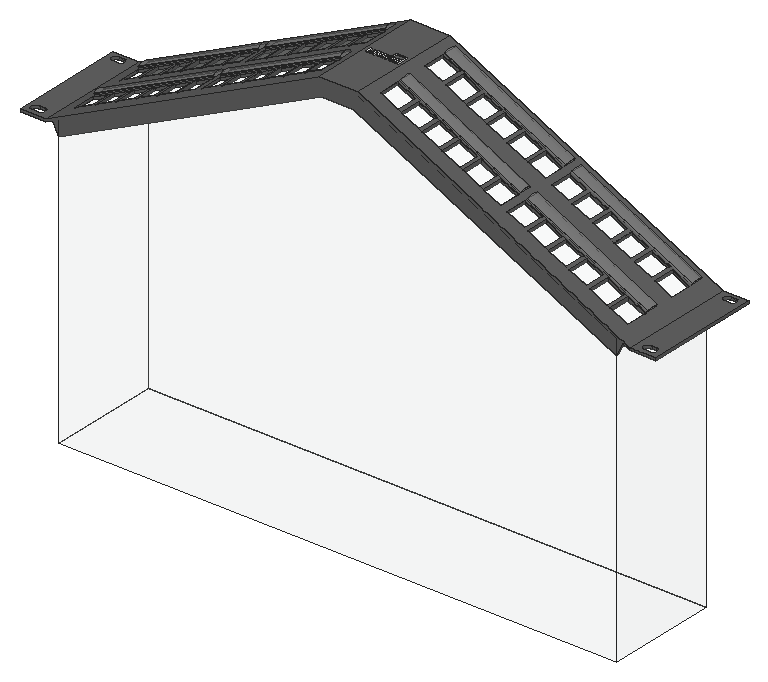
Revit family "1", category Data Devices, host Face, Revit 2018 (continued)
Automatic sketch dimensions
  curve 52 to plane 17 = 0.40894"
  plane 29 "Connector Host" to curve 53 = 0.03543"
  curve 53 to plane 17 = 0.22251"
  curve 54 to plane 17 = 0.02725"
  curve 57 to plane 17 = 0.01000"
  curve 55 to plane 5 "Right" = 0.00000"
  plane 3 "Center (Left/Right)" to curve 50 = 0.46801"
  curve 49 to plane 3 "Center (Left/Right)" = 0.46801"
  curve 64 to plane 7 "Recess" = 0.19682"
  plane 16 to curve 64 = 0.40894"
  plane 29 "Connector Host" to curve 63 = 0.03543"
  plane 16 to curve 63 = 0.22251"
  plane 16 to curve 63 = 0.02725"
  plane 16 to curve 59 = 0.01000"
  plane 4 "Left" to curve 60 = 0.00000"
  curve 49 to plane 30 "Front" = 0.50000"
  plane 24 to Extrusion 10 sketch curve = 0.07833"  (x2)
  plane 24 to Extrusion 10 sketch curve = 0.36536"  (x2)
  plane 24 to Extrusion 10 sketch curve = 0.41007"
  Extrusion 10 sketch curve to Extrusion 10 sketch curve = 0.09168"  (x20)
  plane 24 to Extrusion 10 sketch curve = 0.37861"  (x2)
  Extrusion 10 sketch curve to Extrusion 10 sketch curve = 0.01534"  (x24)
  plane 24 to Extrusion 10 sketch curve = 0.66564"  (x2)
  plane 24 to Extrusion 10 sketch curve = 0.71036"
  plane 24 to Extrusion 10 sketch curve = 0.67890"  (x2)
  plane 24 to Extrusion 10 sketch curve = 0.96593"  (x2)
  plane 24 to Extrusion 10 sketch curve = 1.01064"
  plane 24 to Extrusion 10 sketch curve = 0.97918"  (x2)
  plane 24 to Extrusion 10 sketch curve = 1.26621"  (x2)
  plane 24 to Extrusion 10 sketch curve = 1.31093"
  plane 24 to Extrusion 10 sketch curve = 1.27947"
  plane 24 to Extrusion 10 sketch curve = 1.56650"  (x2)
  plane 24 to Extrusion 10 sketch curve = 1.61121"
  plane 24 to Extrusion 10 sketch curve = 1.57976"
  plane 24 to Extrusion 10 sketch curve = 1.86679"  (x2)
  Extrusion 10 sketch curve to Extrusion 10 sketch curve = 0.19054"  (x2)
  Extrusion 10 sketch curve to plane 30 "Front" = 1.92465"
  Extrusion 10 sketch curve to plane 30 "Front" = 1.63762"  (x2)
  Extrusion 10 sketch curve to Extrusion 10 sketch curve = 0.52400"  (x5)
  Extrusion 10 sketch curve to plane 30 "Front" = 1.59291"
  Extrusion 10 sketch curve to plane 30 "Front" = 1.62437"  (x2)
  Extrusion 10 sketch curve to plane 30 "Front" = 1.33734"  (x2)
  Extrusion 10 sketch curve to plane 30 "Front" = 1.29262"
  Extrusion 10 sketch curve to plane 30 "Front" = 1.32408"  (x2)
  Extrusion 10 sketch curve to plane 30 "Front" = 1.03705"  (x2)
  Extrusion 10 sketch curve to plane 30 "Front" = 0.99234"
  Extrusion 10 sketch curve to plane 30 "Front" = 1.02380"  (x2)
  Extrusion 10 sketch curve to plane 30 "Front" = 0.73677"  (x2)
  Extrusion 10 sketch curve to plane 30 "Front" = 0.69205"
  Extrusion 10 sketch curve to plane 30 "Front" = 0.72351"  (x2)
  Extrusion 10 sketch curve to plane 30 "Front" = 0.43648"  (x2)
  Extrusion 10 sketch curve to plane 30 "Front" = 0.39177"
  Extrusion 10 sketch curve to plane 30 "Front" = 0.42322"  (x2)
  Extrusion 10 sketch curve to plane 30 "Front" = 0.13619"  (x2)
  Extrusion 10 sketch curve to plane 30 "Front" = 0.16765"
  Extrusion 10 sketch curve to plane 3 "Center (Left/Right)" = 0.85879"
  Extrusion 10 sketch curve to plane 30 "Front" = 0.46794"
  Extrusion 10 sketch curve to plane 30 "Front" = 0.76822"
  Extrusion 10 sketch curve to plane 30 "Front" = 1.06851"
  Extrusion 10 sketch curve to plane 30 "Front" = 1.36880"
  plane 24 to Extrusion 10 sketch curve = 1.23476"
  plane 24 to Extrusion 10 sketch curve = 0.63418"
  plane 24 to Extrusion 10 sketch curve = 0.33390"  (x2)
  Extrusion 10 sketch curve to Extrusion 10 sketch curve = 0.04471"  (x2)
  Extrusion 10 sketch curve to Extrusion 10 sketch curve = 0.09293"
  Extrusion 11 sketch curve to plane 17 = 0.22100"
  plane 16 to Extrusion 11 sketch curve = 0.27900"
  curve 68 to plane 44 = 0.33500"
  curve 65 to plane 31 "Upper Interior" = 0.01470"
  plane 26 to Extrusion 8 = 0.00000"
  curve 70 to plane 31 "Upper Interior" = 0.01470"
  plane 24 to Extrusion 12 sketch curve = 0.10978"
  Extrusion 12 sketch curve to plane 17 = 0.48059"
  level to Extrusion 12 sketch curve = 0.27833"
  plane 24 to Extrusion 12 sketch curve = 0.36536"
  plane 24 to Extrusion 12 sketch curve = 0.41007"
  Extrusion 12 sketch curve to Extrusion 12 sketch curve = 0.09168"  (x20)
  plane 24 to Extrusion 12 sketch curve = 0.37861"  (x2)
  Extrusion 12 sketch curve to Extrusion 12 sketch curve = 0.01534"  (x22)
  plane 24 to Extrusion 12 sketch curve = 0.66564"  (x2)
  plane 24 to Extrusion 12 sketch curve = 0.71036"
  plane 24 to Extrusion 12 sketch curve = 0.67890"  (x2)
  plane 24 to Extrusion 12 sketch curve = 0.96593"  (x2)
  plane 24 to Extrusion 12 sketch curve = 1.01064"
  plane 24 to Extrusion 12 sketch curve = 0.97918"  (x2)
  plane 24 to Extrusion 12 sketch curve = 1.26621"  (x2)
  plane 24 to Extrusion 12 sketch curve = 1.31093"
  plane 24 to Extrusion 12 sketch curve = 1.27947"
  plane 24 to Extrusion 12 sketch curve = 1.56650"  (x2)
  plane 24 to Extrusion 12 sketch curve = 1.61121"
  plane 24 to Extrusion 12 sketch curve = 1.57976"
  plane 24 to Extrusion 12 sketch curve = 1.86679"  (x2)
  Extrusion 12 sketch curve to plane 30 "Front" = 1.89320"
  Extrusion 12 sketch curve to Extrusion 12 sketch curve = 0.19054"  (x2)
  Extrusion 12 sketch curve to plane 30 "Front" = 1.92465"
  Extrusion 12 sketch curve to plane 30 "Front" = 1.63762"  (x2)
  Extrusion 12 sketch curve to plane 30 "Front" = 1.59291"
  Extrusion 12 sketch curve to plane 30 "Front" = 1.62437"  (x2)
  Extrusion 12 sketch curve to plane 30 "Front" = 1.33734"  (x2)
  Extrusion 12 sketch curve to plane 30 "Front" = 1.29262"
  Extrusion 12 sketch curve to plane 30 "Front" = 1.32408"  (x2)
  Extrusion 12 sketch curve to plane 30 "Front" = 1.03705"  (x2)
  Extrusion 12 sketch curve to plane 30 "Front" = 0.99234"
  Extrusion 12 sketch curve to plane 30 "Front" = 1.02380"  (x2)
  Extrusion 12 sketch curve to plane 30 "Front" = 0.73677"  (x2)
  Extrusion 12 sketch curve to plane 30 "Front" = 0.69205"
  Extrusion 12 sketch curve to plane 30 "Front" = 0.72351"  (x2)
  Extrusion 12 sketch curve to plane 30 "Front" = 0.43648"  (x2)
  Extrusion 12 sketch curve to plane 30 "Front" = 0.39177"
  Extrusion 12 sketch curve to plane 30 "Front" = 0.42322"  (x2)
  Extrusion 12 sketch curve to plane 30 "Front" = 0.13619"  (x2)
  Extrusion 12 sketch curve to plane 30 "Front" = 0.16765"
  Extrusion 12 sketch curve to plane 3 "Center (Left/Right)" = 0.85879"
  Extrusion 12 sketch curve to plane 30 "Front" = 0.46794"
  Extrusion 12 sketch curve to plane 30 "Front" = 0.76822"
  Extrusion 12 sketch curve to plane 30 "Front" = 1.06851"
  Extrusion 12 sketch curve to plane 30 "Front" = 1.36880"
  Extrusion 12 sketch curve to Extrusion 12 sketch curve = 0.52400"  (x4)
  plane 24 to Extrusion 12 sketch curve = 1.23476"
  plane 24 to Extrusion 12 sketch curve = 0.63418"
  plane 24 to Extrusion 12 sketch curve = 0.33390"
  level to Extrusion 12 sketch curve = 0.56536"
  plane 24 to Extrusion 12 sketch curve = 0.07833"
  Extrusion 12 sketch curve to Extrusion 12 sketch curve = 0.04471"  (x2)
  Extrusion 12 sketch curve to Extrusion 12 sketch curve = 0.09293"
  plane 3 "Center (Left/Right)" to Extrusion 10 sketch curve = 0.85879"
  plane 23 to Extrusion 5 sketch curve = 0.15905"  (x2)
  plane 3 "Center (Left/Right)" to Extrusion 5 sketch curve = 0.45415"
  Extrusion 5 sketch curve to plane 3 "Center (Left/Right)" = 0.45416"
  Extrusion 5 sketch curve to Extrusion 5 sketch curve = 0.10255"
  plane 29 "Connector Host" to Extrusion 5 sketch curve = 0.03543"
  plane 16 to Extrusion 5 sketch curve = 0.43525"
  plane 44 to curve 73 = 0.33500"
  plane 16 to Sweep 13 sketch curve = 0.48278"
  Sweep 13 sketch curve to profile plane = 0.25915"
  profile plane to Sweep 13 sketch curve = 0.05109"
  Sweep 13 sketch curve to Sweep 13 sketch curve = 0.00000"
  plane 9 "Bottom" to Sweep 13 sketch curve = 1.18500"
  Sweep 13 sketch curve to Sweep 13 sketch curve = 0.19000"
  Sweep 13 sketch curve to profile plane = 0.00000"
  Extrusion 14 sketch curve to Extrusion 14 sketch curve = 0.06926"
  plane 30 "Front" to Extrusion 14 sketch curve = 0.12895"  (x2)
  plane 33 to Extrusion 14 sketch curve = 0.00000"
  Extrusion 14 sketch curve to plane 30 "Front" = 1.62604"
  Extrusion 14 sketch curve to plane 32 = 0.00000"
  Extrusion 14 sketch curve to Extrusion 14 sketch curve = 0.13151"
  plane 33 to Sweep 15 sketch curve = 0.00000"  (x2)
  Sweep 15 sketch curve to plane 30 "Front" = 0.00000"
  Sweep 15 sketch curve to plane 32 = 0.00000"  (x2)
  plane 24 to Sweep 15 sketch curve = 0.10529"  (x2)
  Sweep 15 sketch curve to profile plane = 0.00000"
  Sweep 15 sketch curve to Sweep 15 sketch curve = 0.05109"  (x4)
  Sweep 15 sketch curve to profile plane = 0.25915"
Nested families (in)
  nested 1: "Symbol" at (-0.9065, -0.81578, 0), type <- "Annotation Symbol", visible <- "Annotation Symbol is Visible", type "Data"
  nested 2: "Levinton-Logo" at (-0.9065, -0.63558, 4.05292), type "Levinton-Logo"
  nested 3: "Levinton-Numbers_Angled" at (-5.48988, -1.98422, 2.10203) x (0.8988, 0, 0.4384) z (-0.4384, 0, 0.8988), visible <- "z Is Visible 2RU", type "Levinton-Numbers_Angled"
    with Numbers 37 to 48 no, Numbers 25 to 36 yes, Numbers 13 to 24 no, Numbers 1 to 12 no
  nested 4: "Levinton-Numbers_Angled" at (-5.48988, -0.315, 2.10203) x (0.8988, 0, 0.4384) z (-0.4384, 0, 0.8988), visible <- "z Is Visible 2RU", type "Levinton-Numbers_Angled"
    with Numbers 37 to 48 no, Numbers 25 to 36 no, Numbers 13 to 24 no, Numbers 1 to 12 yes
  nested 5: "Levinton-Numbers_Angled" at (3.65168, -1.98422, 2.11432) x (0.8988, 0, -0.4384) z (0.4384, 0, 0.8988), visible <- "z Is Visible 2RU", type "Levinton-Numbers_Angled"
    with Numbers 37 to 48 yes, Numbers 25 to 36 no, Numbers 13 to 24 no, Numbers 1 to 12 no
  nested 6: "Levinton-Numbers_Angled" at (3.65168, -0.315, 2.11432) x (0.8988, 0, -0.4384) z (0.4384, 0, 0.8988), visible <- "z Is Visible 2RU", type "Levinton-Numbers_Angled"
    with Numbers 37 to 48 no, Numbers 25 to 36 no, Numbers 13 to 24 yes, Numbers 1 to 12 no
  nested 7: "Levinton-Numbers_Angled" at (-5.48988, -1.98422, 2.10203) x (0.8988, 0, 0.4384) z (-0.4384, 0, 0.8988), visible <- "z Has 24 Ports", type "Levinton-Numbers_Angled"
    with Numbers 37 to 48 no, Numbers 25 to 36 no, Numbers 13 to 24 no, Numbers 1 to 12 yes
  nested 8: "Levinton-Numbers_Angled" at (3.65168, -1.98422, 2.11432) x (0.8988, 0, -0.4384) z (0.4384, 0, 0.8988), visible <- "z Has 24 Ports", type "Levinton-Numbers_Angled"
    with Numbers 37 to 48 no, Numbers 25 to 36 no, Numbers 13 to 24 yes, Numbers 1 to 12 no
Definition of nested family "Levinton-Logo"
  Parameters (values of type "Levinton-Logo")
    Default Elevation = 48.00000"
  Reference planes (in)
    plane 1 "Center (Front/Back)": y = 0
    plane 2: z = 0
    plane 3 "Center (Left/Right)": x = 0
    plane 4: x = -0.47832
    plane 5: x = 0.47832
    plane 6 "Logo Bottom": z = -0.01563
    plane 7: y = 0.33993
    plane 8: y = 0.16996
  Forms (in)
    Extrusion 1, solid
      sketch origin (0, 0, -0.01563) x (-1, 0, 0) y (0, -1, 0)
        loop
          line (0.37208, -0.04145) -> (0.43368, -0.04145) -> (0.43368, -0.16616) -> (0.47832, -0.16616) -> (0.47832, 0) -> (0.37208, 0) -> (0.37208, -0.04145)
        loop
          line (0.23363, -0.16616) -> (0.35056, -0.16616) -> (0.35056, 0) -> (0.23363, 0) -> (0.23363, -0.04145) -> (0.30592, -0.04145) -> (0.30592, -0.1247) -> (0.23363, -0.1247) -> (0.23363, -0.16616)
        loop
          line (0.2121, -0.16616) -> (0.15875, 0) -> (0.10602, 0) -> (0.05266, -0.16616) -> (0.10037, -0.16616) -> (0.13238, -0.06378) -> (0.1644, -0.16616) -> (0.2121, -0.16616)
        loop
          line (-0.01351, 0) -> (-0.01351, -0.16616) -> (0.03114, -0.16616) -> (0.03114, 0) -> (-0.01351, 0)
        loop
          line (-0.07341, -0.1247) -> (-0.07341, 0) -> (-0.11805, 0) -> (-0.11805, -0.11799) -> (-0.15632, -0.11799) -> (-0.15632, -0.07972)
          arc (-0.15632, -0.07972) -> (-0.17967, -0.02335) -> (-0.23604, 0) r 0.07972
          line (-0.23604, 0) -> (-0.47832, 0) -> (-0.47832, -0.33993) -> (-0.15632, -0.33993) -> (-0.15632, -0.16616) -> (-0.03514, -0.16616) -> (-0.03514, -0.1247) -> (-0.07341, -0.1247)
        loop
          arc (-0.16474, -0.11538) -> (-0.29241, -0.13609) -> (-0.27169, -0.00842) r 0.07972
          line (-0.27169, -0.00842) -> (-0.33821, -0.00842) -> (-0.33821, -0.16616) -> (-0.37422, -0.16616) -> (-0.43368, -0.07972) -> (-0.43368, -0.16616) -> (-0.4699, -0.16616) -> (-0.4699, -0.33151) -> (-0.16474, -0.33151) -> (-0.16474, -0.11538)
        loop
          circle (-0.23604, -0.07972) r 0.03827
        loop
          line (-0.38285, -0.07972) -> (-0.38285, -0.00842) -> (-0.43575, -0.00842) -> (-0.38285, -0.07972)
      from 0 to 0.03125
    Extrusion 2, solid
      sketch origin (0, 0, -0.01563) x (-1, 0, 0) y (0, -1, 0)
        loop
          line (0.25372, -0.07049) -> (0.25372, -0.10238) -> (0.30592, -0.10238) -> (0.30592, -0.07049) -> (0.25372, -0.07049)
      from 0 to 0.03125
  Cuts and joins
    joined: Extrusion 1, Extrusion 2
  Dimensions and locks (in)
    plane 4 to plane 3 "Center (Left/Right)" to plane 5 = 0.47832" locked, 0.47832" locked
    locked: plane 2 to plane 6 "Logo Bottom" at 0.01562
    equal spacing: plane 7, plane 8, plane 1 "Center (Front/Back)"
    locked: plane 7 to plane 1 "Center (Front/Back)" at 0.33993
  Automatic sketch dimensions
    Extrusion 1 sketch curve to Extrusion 1 sketch curve = 0.00000"  (x13)
    Extrusion 1 sketch curve to plane 5 = 0.00000"
    plane 1 "Center (Front/Back)" to Extrusion 1 sketch curve = 0.00000"  (x6)
    Extrusion 1 sketch curve to plane 7 = 0.00000"
    Extrusion 1 sketch curve to plane 4 = 0.00000"
    Extrusion 1 sketch curve to plane 8 = 0.00381"  (x8)
    Extrusion 1 sketch curve to plane 5 = 0.00842"
    Extrusion 1 sketch curve to plane 1 "Center (Front/Back)" = 0.00842"  (x2)
    Extrusion 1 sketch curve to plane 5 = 0.04257"
    Extrusion 1 sketch curve to Extrusion 1 sketch curve = 0.03622"
    Extrusion 1 sketch curve to Extrusion 1 sketch curve = 0.05083"
    Extrusion 1 sketch curve to Extrusion 1 sketch curve = 0.05946"
    Extrusion 1 sketch curve to Extrusion 1 sketch curve = 0.03602"
    Extrusion 1 sketch curve to Extrusion 1 sketch curve = 0.06651"
    Extrusion 1 sketch curve to Extrusion 1 sketch curve = 0.03566"
    Extrusion 1 sketch curve to plane 7 = 0.00842"
    plane 3 "Center (Left/Right)" to Extrusion 1 sketch curve = 0.16474"
    Extrusion 1 sketch curve to Extrusion 1 sketch curve = 0.00842"  (x2)
    Extrusion 1 sketch curve to Extrusion 1 sketch curve = 0.03827"  (x2)
    Extrusion 1 sketch curve to Extrusion 1 sketch curve = 0.04464"  (x2)
    plane 3 "Center (Left/Right)" to Extrusion 1 sketch curve = 0.03514"
    plane 3 "Center (Left/Right)" to Extrusion 1 sketch curve = 0.01351"
    Extrusion 1 sketch curve to plane 3 "Center (Left/Right)" = 0.03114"
    Extrusion 1 sketch curve to Extrusion 1 sketch curve = 0.02152"  (x3)
    Extrusion 1 sketch curve to Extrusion 1 sketch curve = 0.04771"  (x2)
    Extrusion 1 sketch curve to Extrusion 1 sketch curve = 0.07488"  (x2)
    Extrusion 1 sketch curve to plane 1 "Center (Front/Back)" = 0.06378"
    Extrusion 1 sketch curve to Extrusion 1 sketch curve = 0.02636"
    Extrusion 1 sketch curve to Extrusion 1 sketch curve = 0.05273"
    Extrusion 1 sketch curve to Extrusion 1 sketch curve = 0.06403"
    Extrusion 1 sketch curve to Extrusion 1 sketch curve = 0.07229"
    plane 4 to Extrusion 1 sketch curve = 0.04464"
    Extrusion 1 sketch curve to Extrusion 1 sketch curve = 0.04145"  (x2)
    Extrusion 1 sketch curve to Extrusion 1 sketch curve = 0.00261"
    Extrusion 1 sketch curve to Extrusion 1 sketch curve = 0.07130"
    Extrusion 1 sketch curve to plane 1 "Center (Front/Back)" = 0.04145"  (x2)
    Extrusion 2 sketch curve to plane 8 = 0.06758"
    plane 4 to Extrusion 2 sketch curve = 0.22460"
    Extrusion 2 sketch curve to Extrusion 2 sketch curve = 0.05220"
    Extrusion 2 sketch curve to Extrusion 2 sketch curve = 0.03189"
Definition of nested family "Symbol"
  Parameters
    Tel Data = no
    Phone = no
    Data = yes
  Reference planes (in)
    plane 1: y = 0
    plane 2: x = 0
  Lines and regions (in)
    Filled region 1, type "Solid Black", visible <- "Tel Data"
      outline origin (0, 0, 0) x (1, 0, 0) y (0, 1, 0)
        loop
          line (0, 0) -> (0.0654, 0.11328) -> (0, 0.11328) -> (0, 0)
    Filled region 2, type "Solid Black", visible <- "Phone"
      outline origin (0, 0, 0) x (1, 0, 0) y (0, 1, 0)
        loop
          line (0, 0) -> (0.0654, 0.11328) -> (-0.0654, 0.11328) -> (0, 0)
    Filled region 3, type "White", visible <- "Data"
      outline origin (0, 0, 0) x (1, 0, 0) y (0, 1, 0)
        loop
          line (0, 0) -> (0.0654, 0.11328) -> (-0.0654, 0.11328) -> (0, 0)
    Filled region 4, type "White", visible <- "Tel Data"
      outline origin (0, 0, 0) x (1, 0, 0) y (0, 1, 0)
        loop
          line (0, 0.11328) -> (-0.0654, 0.11328) -> (0, 0) -> (0, 0.11328)
Definition of nested family "Levinton-Numbers_Angled"
  Parameters (values of type "Levinton-Numbers_Angled")
    Numbers 37 to 48 [instance] = yes
    Numbers 25 to 36 [instance] = yes
    Numbers 13 to 24 [instance] = yes
    Numbers 1 to 12 [instance] = yes
    Default Elevation = 48.00000"
  Reference planes (in)
    plane 1 "Center (Front/Back)": y = 0
    plane 2: z = 0
    plane 3 "Center (Left/Right)": x = 0
    plane 4: y = 0.0609
    plane 5: y = -0.0617
  Dimensions and locks (in)
    aligned and locked: level to plane 2
Types (7): name | z 2RU with Screen | z 1RU with Screen | z 1 Y Offset 5 | z 2RU with Lens | z 1RU with Lens | z Leviton Type | z Is Visible 2RU | z Height | z Has 48 Ports 1RU | z Has 48 Ports | z Has 24 Ports | z 1 Y Offset 4 | z 1 Y Offset 3 | z 1 Y Offset 2 | z 1 Y Offset 1 | Shielded | Rack Spaces RU | Product Documentation Link | Part Number | Part Description | Has ID Windows | Description
  1RU, 24-Port | no | yes | 0.45000" | no | no | 110 | no | 1.72500" | no | no | yes | 0.16000" | 18.00000" | 18.00000" | 0.60000" | no | 1 | "Leviton_49256-Hxx_49256-Dxx_49256-Lxx_Angled_QuickPort_Patch_Panels.pdf" | "49256-H24" | "Angled QuickPort Patch Panel, 24-port, 1RU" | no | "Angled QuickPort Patch Panel, 24-port, 1RU"
  2RU, 48-Port, Shielded | yes | no | 0.45000" | no | no | 221 | yes | 3.47500" | no | yes | no | 18.00000" | 2.30700" | 2.30700" | 0.63900" | yes | 2 | "Leviton_4S256-Sxx_AtlasX1_Shielded_Angled_QuickPort_Patch_Panels.pdf" | "4S256-S48" | "ATLAS-X1 Shielded Angled QuickPort Patch Panel, 48 ports, 2RU, black" | no | "ATLAS-X1 Shielded Angled QuickPort Patch Panel, 48 ports, 2RU, black"
  2RU, 48-Port | yes | no | 0.45000" | no | no | 220 | yes | 3.47500" | no | yes | no | 18.00000" | 2.30700" | 2.30700" | 0.63900" | no | 2 | "Leviton_49256-Hxx_49256-Dxx_49256-Lxx_Angled_QuickPort_Patch_Panels.pdf" | "49256-H48" | "Angled QuickPort Patch Panel, 48-port, 2RU" | no | "Angled QuickPort Patch Panel, 48-port, 2RU"
  1RU, 48-Port, High Density | no | no | 0.45000" | no | no | 120 | no | 1.72500" | yes | no | no | 18.00000" | 1.01910" | 1.01910" | 0.20590" | no | 1 | "https://www.leviton.com/en/docs/Leviton_49256-Hxx_49256-Dxx_49256-Lxx_Angled_QuickPort_Patch_Panels.pdf" | "49256-D48" | "Angled QuickPort High-Density Patch Panel, 48-port, 1RU" | no | "Angled QuickPort High-Density Patch Panel, 48-port, 1RU"
  1RU, 24-Port, Shielded | no | yes | 0.45000" | no | no | 111 | no | 1.72500" | no | no | yes | 0.16000" | 18.00000" | 18.00000" | 0.60000" | yes | 1 | "Leviton_4S256-Sxx_AtlasX1_Shielded_Angled_QuickPort_Patch_Panels.pdf" | "4S256-S24" | "ATLAS-X1 Shielded Angled QuickPort Patch Panel, 24 ports, 1RU, black" | no | "ATLAS-X1 Shielded Angled QuickPort Patch Panel, 24 ports, 1RU, black"
  1RU, 24-Port, with Lens | no | no | 0.45000" | no | yes | 112 | no | 1.72500" | no | no | yes | 0.16000" | 18.00000" | 18.00000" | 0.60000" | no | 1 | "Leviton_49256-Hxx_49256-Dxx_49256-Lxx_Angled_QuickPort_Patch_Panels.pdf" | "49256-L24" | "Angled QuickPort Patch Panel, 24-port, 1RU, with Magnifying Lens" | yes | "Angled QuickPort Patch Panel, 24-port, 1RU, with Magnifying Lens"
  2RU, 48-Port, with Lens | no | no | 1.50000" | yes | no | 222 | yes | 3.47500" | no | yes | no | 18.00000" | 2.30700" | 2.30700" | 0.63900" | no | 2 | "Leviton_49256-Hxx_49256-Dxx_49256-Lxx_Angled_QuickPort_Patch_Panels.pdf" | "49256-L48" | "Angled QuickPort Patch Panel, 48-port, 2RU, with Mangnifying Lens" | yes | "Angled QuickPort Patch Panel, 48-port, 2RU, with Mangnifying Lens"
